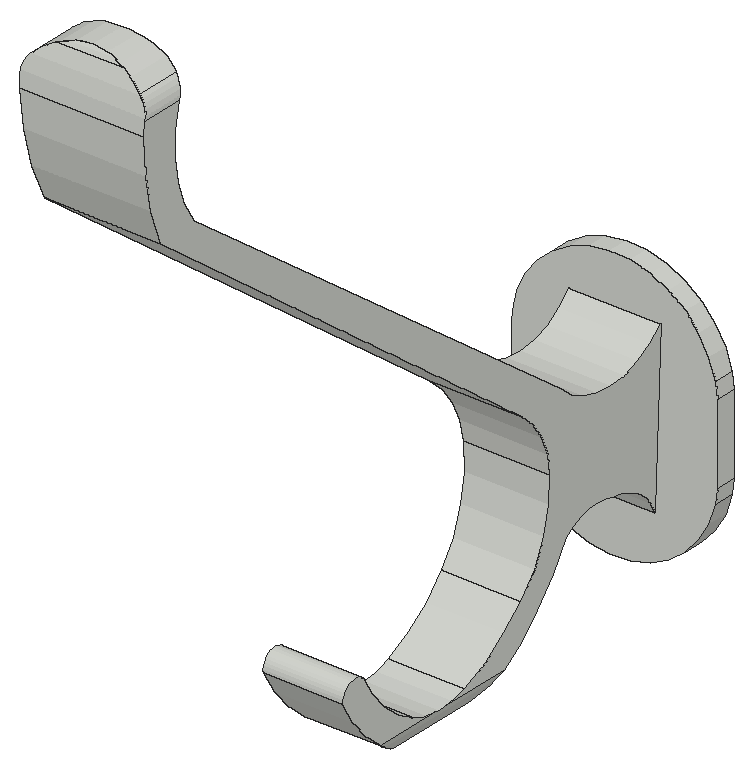
Revit family "Hook_A10_EMCO", category Generic Models, Revit 2026
Family settings
  Can host rebar = No
  Round Connector Dimension = Use Diameter
  Part Type = Normal
  Work Plane-Based = Yes
  Always vertical = Yes
  Cut with Voids When Loaded = Yes
  Maintain Annotation Orientation = No
  Shared = No
  Room Calculation Point = No
Parameters
  Warranty Duration (Years) = 1
  URL = "https://www.arcat.com/arcatcos/cos50/arc50797.html"
  Send Message = "http://www.emcospi.com/content/contact-us"
  Sales Information = "http://www.emcospi.com/content/contact-us"
  Revision = ""
  Product Properties = "http://www.arcat.com/bim/bim_info.pl?fn="
  Product Data = "http://emcospi.com/catalog/hooks"
  Model = "EMCO A10 Hat and Coat Hook"
  Manufacturer Website = "http://www.emcospi.com"
  Manufacturer Phone = "913-281-4555"
  Manufacturer Fax = "913-281-4554"
  Manufacturer Email = "info@emcospi.com"
  Manufacturer Address = "408 Miami Ave. Kansas City, KS 66105"
  Manufacturer = "EMCO Specialty Products, Inc."
  Keynote = "10 57 33"
  Installation-Fabrication = "http://emcospi.com/catalog/hooks"
  Installation Phase = "Closet and Utility Shelving Hardware"
  Hook Material = EMCO  - Silver Finish
  Drawn By = "Sumex Design, Inc."
  Description = "EMCO A10 Hat and Coat Hook"
  Default Elevation = 4' - 0"
  Copyright = "2017, ARCAT, Inc"
  Construction Details = "http://emcospi.com/catalog/hooks"
  Company_ID = 50797
  Assembly Code = "E1090900"
Reference planes (in)
  plane 1 "Center (Front/Back)": y = 0
  plane 2: z = 0
  plane 3 "Center (Left/Right)": x = 0
  plane 4: z = 10.79211
  plane 5: z = 10.54211
  plane 6: through (0, -3.71036, 9.45233) normal (0, -0.0175, 0.9998)
  plane 7: z = 11.08632
Forms (in)
  Sweep 1, solid, material "EMCO  - Silver Finish" <- "Hook Material"
    path origin (0, 0, 9.62397) x (-1, 0, 0) y (0, -1, 0)
      loop
        line (0, 0) -> (0, 4.5)
    profile origin (0, -2.25, 9.62397) x (1, 0, 0) y (0, 0, 1)
      loop
        line (0.23249, 0.03737) -> (0.38524, 4.41149)
        arc (0.38524, 4.41149) -> (0.37176, 4.47948) -> (0.33009, 4.53488) r 0.15565
        arc (0.33009, 4.53488) -> (0, 4.66864) -> (-0.33009, 4.53488) r 0.47418
        arc (-0.33009, 4.53488) -> (-0.37176, 4.47948) -> (-0.38524, 4.41149) r 0.15565
        line (-0.38524, 4.41149) -> (-0.23249, 0.03737)
        arc (-0.23249, 0.03737) -> (0, -0.14248) -> (0.23249, 0.03737) r 0.2402
  Sweep 2, void
    path origin (0, 0, 9.62397) x (-1, 0, 0) y (0, -1, 0)
      loop
        line (0.40163, 0) -> (-0.39524, 0)
    profile origin (-0.0032, 0, 9.62397) x (0, 1, 0) y (0, 0, 1)
      loop
        arc (-0.125, 1.46236) -> (-0.5042, 1.28426) -> (-0.8913, 1.44448) r 0.51866
        line (-0.8913, 1.44448) -> (-3.81603, 3.68052)
        arc (-3.81603, 3.68052) -> (-3.98274, 4.1049) -> (-3.90791, 4.55466) r 0.85599
        arc (-3.90791, 4.55466) -> (-3.93204, 4.69078) -> (-4.06815, 4.71491) r 0.12066
        arc (-4.06815, 4.71491) -> (-4.12369, 4.67599) -> (-4.16231, 4.62025) r 0.19279
        arc (-4.16231, 4.62025) -> (-4.2093, 4.47854) -> (-4.22455, 4.33002) r 0.68649
        arc (-4.22455, 4.33002) -> (-4.18296, 3.9884) -> (-4.06494, 3.66513) r 1.50657
        line (-4.06494, 3.66513) -> (-1.19505, 1.42293)
        arc (-1.19505, 1.42293) -> (-1.03156, 1.23141) -> (-0.95603, 0.99119) r 0.63073
        arc (-0.95603, 0.99119) -> (-0.98953, 0.66091) -> (-1.15179, 0.37128) r 0.81626
        arc (-1.15179, 0.37128) -> (-1.3441, 0.19648) -> (-1.57184, 0.0713) r 1.10754
        arc (-1.57184, 0.0713) -> (-1.76816, 0.03607) -> (-1.96203, 0.08295) r 0.48429
        arc (-1.96203, 0.08295) -> (-2.20172, 0.25146) -> (-2.37241, 0.48961) r 0.87565
        arc (-2.37241, 0.48961) -> (-2.47513, 0.49685) -> (-2.52252, 0.40543) r 0.09375
        arc (-2.52252, 0.40543) -> (-2.31919, 0.12591) -> (-2.03597, -0.07221) r 1.04752
        arc (-2.03597, -0.07221) -> (-1.77329, -0.13573) -> (-1.50729, -0.088) r 0.65617
        arc (-1.50729, -0.088) -> (-1.24421, 0.05661) -> (-1.02206, 0.25854) r 1.27942
        arc (-1.02206, 0.25854) -> (-0.90881, 0.4102) -> (-0.81917, 0.57692) r 1.27942
        arc (-0.81917, 0.57692) -> (-0.64162, 0.65973) -> (-0.44645, 0.64264) r 0.37839
        arc (-0.44645, 0.64264) -> (-0.25332, 0.57159) -> (-0.125, 0.41071) r 0.38229
        line (-0.125, 0.41071) -> (-0.125, 1.46236)
      loop
        line (0, 6.06084) -> (-4.5, 6.06084) -> (-4.5, -0.25305) -> (0, -0.25305) -> (0, 6.06084)
  Sweep 3, solid, material "EMCO  - Silver Finish" <- "Hook Material"
    path origin (0, 0, 9.62397) x (0, -1, 0) y (0, 0, 1)
      loop
        line (0, 0) -> (0.125, 0)
    profile origin (0, -0.0625, 9.62397) x (0, 0, 1) y (-1, 0, 0)
      loop
        arc (0.58321, -0.62021) -> (0.62979, -0.62827) -> (0.67695, -0.6315) r 0.45999
        line (0.67695, -0.6315) -> (1.16814, -0.6315)
        arc (1.16814, -0.6315) -> (1.2153, -0.62827) -> (1.26188, -0.62021) r 0.45999
        arc (1.26188, -0.62021) -> (1.75833, -0.0344) -> (1.333, 0.60491) r 0.63858
        arc (1.333, 0.60491) -> (1.25163, 0.62481) -> (1.16814, 0.6315) r 0.52432
        line (1.16814, 0.6315) -> (0.67695, 0.6315)
        arc (0.67695, 0.6315) -> (0.59345, 0.62481) -> (0.51209, 0.60491) r 0.52432
        arc (0.51209, 0.60491) -> (0.08675, -0.0344) -> (0.58321, -0.62021) r 0.63858
Cuts and joins
  Sweep 2 cuts Sweep 1
  joined: Sweep 1, Sweep 3
Dimensions and locks (in)
  locked: plane 4 to plane 5 at 0.25
  aligned and locked: plane 4 to cut or joined group of Sweep 1, Sweep 2, Sweep 3
